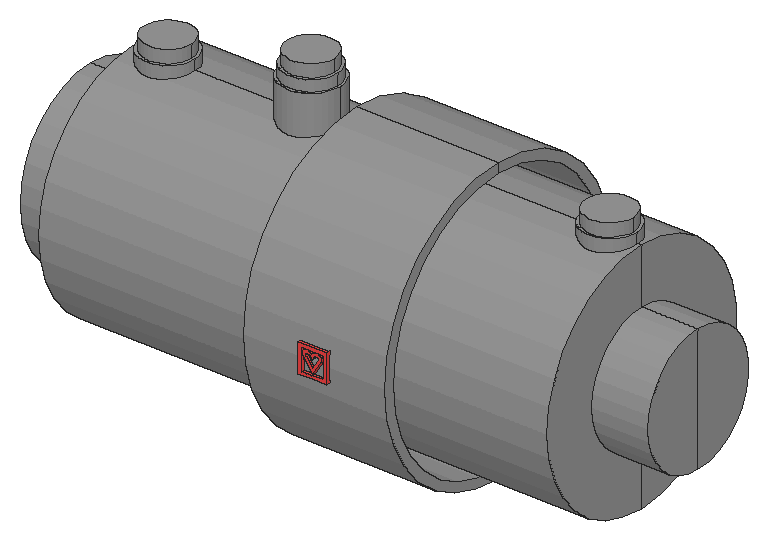
Revit family "HERZ System Separator 0307 IG-AG", category Rohrzubehör, Revit 2018
Family settings
  Bemaßung runder Anschluss = Durchmesser verwenden
  Teiletyp = Unterbricht
  OmniClass-Nummer = 23.65.55.14
  OmniClass-Titel = Valves for Liquid Services
  Arbeitsebenenbasiert = Nein
  Immer vertikal = Ja
  Beim Laden mit Abzugskörper schneiden = Nein
  Gemeinsam genutzt = Nein
Parameters (values of type "IG-AG DN40-DN40")
  URL = "www.herzvalves.com"
  SCTWSEQ = "AW;SBT_TYP_AW=\"104\";2"
  SCTWCODE = "04;12;02"  # constant formula
  S03 = 15.000 mm  # constant formula
  S02 = 45.000 mm  # constant formula
  S01 = 98.000 mm  # constant formula
  Nennweite Ein [instance] = if(IG_AG_DN40_DN40, 40.000 mm, if(IG_AG_DN40_DN50, 40.000 mm, if(IG_AG_DN50_DN40, 50.000 mm, if(IG_AG_DN50_DN50, 50.000 mm, 0.000 mm))))  # 40.000 mm
  Nennweite Aus [instance] = if(IG_AG_DN40_DN40, 40.000 mm, if(IG_AG_DN40_DN50, 50.000 mm, if(IG_AG_DN50_DN40, 40.000 mm, if(IG_AG_DN50_DN50, 50.000 mm, 0.000 mm))))  # 40.000 mm
  Model = "The backflow preventer has been developed in accordance with the standard DIN EN 1717.\r\nAccording to this standard, the water quality is divided up into 5 classes depending on the degree of contamination.\r\nBackflow preventers of type BA provide protection against non-drinking water up to hazard class 4.\r\nThis is the highest hazard class that may be safeguarded with a valve.\r\nSafeguarding a standpipe with a lower form of protection than a system separator of type BA per DIN EN 1717 is no longer reflective of current engineering practice and the operator is therefore liable in the event of damage with such a standpipe.\r\nThe functional unit is designed as a single-piece cartridge with large-dimension control piston and pressure surge-damped discharge valve system.\r\nThreaded connections are mutually interchangeable, whereby 16 possible connection variants exist (intake and outlet side available in 1 1/2\" inner or outer thread, alternatively in 2\" inner or outer thread)."
  Medium = "Water (without steam)"  # constant formula
  Max. permissible temperature (short-term) = 80 °C  # constant formula
  Max. operating temperature = 65 °C  # constant formula
  Max. operating pressure = 1000000.0 Pa  # constant formula
  L08 = 45.000 mm  # constant formula
  L07 = 24.500 mm  # constant formula
  L06 = 70.000 mm  # constant formula
  L05 = 28.000 mm  # constant formula
  L04 = 13.500 mm  # constant formula
  L03 = 84.500 mm  # constant formula
  L02 = 18.000 mm  # constant formula
  L01 = 193.000 mm  # constant formula
  Installation position = "Horizontal or perpendicular pointing downwards"  # constant formula
  Note = "Pursuant to Article 33 of the REACH Regulation (EC No. 1907/2006), we are obliged to point out that the material lead is listed on the SVHC list and that all brass components manufactured in our products exceed 0.1% (w / w) lead (CAS: 7439-92-1 / EINECS: 231-100-4).\r\nSince lead is a component part of an alloy, actual exposure is not possible and therefore no additional information on safe use is necessary."
  Hersteller = "HERZ Armaturen Ges.m.b.H."  # constant formula
  D03 [instance] = if(IG_AG_DN40_DN40, 28.000 mm, if(IG_AG_DN40_DN50, 28.000 mm, if(IG_AG_DN50_DN40, 33.000 mm, if(IG_AG_DN50_DN50, 33.000 mm, 0.000 mm))))  # 28.000 mm
  D02 = 45.000 mm  # constant formula
  D01 = 37.500 mm  # constant formula
  Body = "stainless steel"  # constant formula
  Part number [instance] = if(IG_AG_DN40_DN40, "I030702", if(IG_AG_DN40_DN50, "I030710", if(IG_AG_DN50_DN40, "I030714", if(IG_AG_DN50_DN50, "I030706", "0"))))  # "I030702"
  IG_AG_DN50_DN50 = no
  IG_AG_DN50_DN40 = no
  IG_AG_DN40_DN50 = no
  IG_AG_DN40_DN40 = yes
  IG Ein [instance] = Nennweite Ein / 2  # 20.000 mm
  Application = "The backflow preventer is an economical solution for retrofitting to standpipes that are required to have a mandatory safety valve according to DIN EN 1717 for preventing the back-suction, back-flowing or back-pressuring of non-drinking water into the drinking water line.\r\nThe backflow preventer is suitable for horizontal installation.\r\nIt can also be fitted perpendicular, although only pointing downwards.\r\nIt is not approved for installation in a riser."
  AG Aus [instance] = Nennweite Aus / 2  # 20.000 mm
Types (5, lengths in mm): name | Nennweite Ein | Nennweite Aus | D03 | Part number | IG_AG_DN50_DN50 | IG_AG_DN50_DN40 | IG_AG_DN40_DN50 | IG_AG_DN40_DN40 | IG Ein | AG Aus
  (no name) | 40.000 | 40.000 | 28.000 | "I030702" | no | no | no | yes | 20.000 | 20.000
  IG-AG DN40-DN50 | 40.000 | 50.000 | 28.000 | "I030710" | no | no | yes | no | 20.000 | 25.000
  IG-AG DN40-DN40 | 40.000 | 40.000 | 28.000 | "I030702" | no | no | no | yes | 20.000 | 20.000
  IG-AG DN50-DN50 | 50.000 | 50.000 | 33.000 | "I030706" | yes | no | no | no | 25.000 | 25.000
  IG-AG DN50-DN40 | 50.000 | 40.000 | 33.000 | "I030714" | no | yes | no | no | 25.000 | 20.000
Reference planes
  plane 1 "Mitte (Vorne/hinten)": y = 0
  plane 2: z = 0
  plane 3 "Mitte (Links/rechts)": x = 0
Forms (mm)
  Revolve 1, solid, material "Messing, weicher Gelbton, geschweißt", detail levels fine
    sketch origin (0, 0, 0) x (1, 0, 0) y (0, 0, 1)
      loop
        line (96.5, 0) -> (96.5, 20) -> (78.5, 20) -> (78.5, 37.5) -> (-83, 37.5) -> (-83, 28) -> (-96.5, 28) -> (-96.5, 20) -> (-83, 20) -> (-83, 0) -> (96.5, 0)
      axis (-96.5, 0) -> (96.5, 0)
    angle from 0 to 360
  Revolve 2, solid, material "Acetalharz, Schwarz", detail levels fine
    sketch origin (0, 0, 0) x (1, 0, 0) y (0, 0, 1)
      loop
        line (-12, 0) -> (1.5, 0) -> (1.5, 42) -> (33, 42) -> (33, 45) -> (-12, 45) -> (-12, 0)
      axis (-12, 0) -> (33, 0)
    angle from 0 to 360
  Extrusion 3, solid, material "Messing, weicher Gelbton, geschweißt", detail levels fine
    sketch origin (0, 0, 0) x (1, 0, 0) y (0, 1, 0)
      loop
        circle (-72, 0) r 8.5
      loop
        circle (68.5, 0) r 8.5
    from 0 to 40.5
  Extrusion 4, solid, material "Acetalharz, Schwarz", detail levels fine
    sketch origin (0, 0, 0) x (1, 0, 0) y (0, 1, 0)
      loop
        circle (-72, 0) r 7.5
      loop
        circle (68.5, 0) r 7.5
    from 40.5 to 44.5
  Extrusion 5, solid, material "Messing, weicher Gelbton, geschweißt", detail levels fine
    sketch origin (0, 0, 0) x (1, 0, 0) y (0, 1, 0)
      loop
        circle (-26.5, 0) r 9.3
    from 0 to 49
  Extrusion 6, solid, material "Messing, weicher Gelbton, geschweißt", detail levels fine
    sketch origin (0, 0, 0) x (1, 0, 0) y (0, 1, 0)
      loop
        circle (-26.5, 0) r 8.5
    from 49 to 52.5
  Extrusion 7, solid, material "Acetalharz, Schwarz", visible <- "IG_AG_DN40_DN50", detail levels fine
    sketch origin (0, 0, 0) x (1, 0, 0) y (0, 1, 0)
      loop
        circle (-26.5, 0) r 7.5
    from 52.5 to 56.5
  Extrusion 8, solid, material "Acetalharz, Schwarz", visible <- "IG_AG_DN40_DN40", detail levels fine
    sketch origin (0, 0, 0) x (1, 0, 0) y (0, 1, 0)
      loop
        circle (-26.5, 0) r 7.5
    from 52.5 to 56.4
  Extrusion 9, solid, material "Acetalharz, Schwarz", visible <- "IG_AG_DN50_DN50", detail levels fine
    sketch origin (0, 0, 0) x (1, 0, 0) y (0, 1, 0)
      loop
        circle (-26.5, 0) r 7.5
    from 52.5 to 56.3
  Extrusion 10, solid, material "Acetalharz, Schwarz", visible <- "IG_AG_DN50_DN40", detail levels fine
    sketch origin (0, 0, 0) x (1, 0, 0) y (0, 1, 0)
      loop
        circle (-26.5, 0) r 7.5
    from 52.5 to 56.2
Lines and regions (mm)
  model lines, detail levels coarse+medium
    curve 1: line (-96.5, 0, 37.5) -> (96.5, 0, 37.5)
    curve 2: line (-96.5, 0, -37.5) -> (-96.5, 0, 37.5)
    curve 3: line (96.5, 0, -37.5) -> (-96.5, 0, -37.5)
    curve 4: line (96.5, 0, 37.5) -> (96.5, 0, -37.5)
    curve 5: line (-96.5, 0, -22.5) -> (-51.5, 0, -22.5)
    curve 6: line (-1.5, 0, -22.5) -> (96.5, 0, -22.5)
    curve 7: line (-96.5, 0, 22.5) -> (-51.5, 0, 22.5)
    curve 8: line (-1.5, 0, 22.5) -> (96.5, 0, 22.5)
    curve 9: line (-96.5, 37.5, 0) -> (96.5, 37.5, 0)
    curve 10: line (-96.5, -37.5, 0) -> (-96.5, 37.5, 0)
    curve 11: line (96.5, -37.5, 0) -> (-96.5, -37.5, 0)
    curve 12: line (96.5, 37.5, 0) -> (96.5, -37.5, 0)
    curve 13: line (-96.5, 22.5, 0) -> (-51.5, 22.5, 0)
    curve 14: line (-1.5, 22.5, 0) -> (96.5, 22.5, 0)
    curve 15: line (-96.5, -22.5, 0) -> (-51.5, -22.5, 0)
    curve 16: line (-1.5, -22.5, 0) -> (96.5, -22.5, 0)
Dimensions and locks
  equal spacing: curve 4, plane 3 "Mitte (Links/rechts)", curve 2
  "L01": curve 4 to curve 2
  "D01": curve 1 to plane 2 to curve 3
  "S03": curve 5 to curve 3
  "S03": curve 1 to curve 7
  "S03": curve 1 to curve 8
  "S03": curve 6 to curve 3
  "S02": curve 5 to curve 2
  "S02": curve 7 to curve 2
  "S01": curve 8 to curve 4
  "S01": curve 6 to curve 4
  equal spacing: curve 10, plane 3 "Mitte (Links/rechts)", curve 12
  "L01": curve 10 to curve 12
  "D01": curve 11 to plane 1 "Mitte (Vorne/hinten)" to curve 9
  "S03": curve 13 to curve 9
  "S03": curve 11 to curve 15
  "S03": curve 14 to curve 9
  "S03": curve 11 to curve 16
  "S01": curve 14 to curve 12
  "S01": curve 16 to curve 12
  "S02": curve 10 to curve 15
  "S02": curve 10 to curve 13
  "D02": Revolve 2 sketch curve to Revolve 2 sketch curve
  equal spacing: Revolve 2, nested 1, Revolve 2
  "D02": nested 1 to plane 1 "Mitte (Vorne/hinten)"
  Revolve 1 sketch curve to Revolve 1 sketch curve = 193.000 mm
  "AG Aus": Revolve 1 sketch curve to Revolve 1 sketch curve
  "IG Ein": Revolve 1 sketch curve to plane 2
  "D03": Revolve 1 sketch curve to plane 2
  "D01": Revolve 1 sketch curve to plane 2
  "L03": Revolve 1 to Revolve 2 sketch curve
  "L07": Revolve 1 to Extrusion 3 sketch curve
  "L05": Extrusion 3 sketch curve to Revolve 1
  "L05": Extrusion 4 sketch curve to Revolve 1
  "L07": Revolve 1 to Extrusion 4 sketch curve
  "L06": Revolve 1 to Extrusion 5 sketch curve
  "L06": Revolve 1 to Extrusion 6 sketch curve
  "L06": Revolve 1 to Extrusion 10 sketch curve
  "L06": Revolve 1 to Extrusion 9 sketch curve
  "L06": Revolve 1 to Extrusion 8 sketch curve
  "L06": Revolve 1 to Extrusion 7 sketch curve
  "L08": Revolve 2 sketch curve to Revolve 2 sketch curve
  aligned and locked: level to plane 2
Automatic sketch dimensions
  Revolve 1 sketch curve to level = 0.000 mm  (x2)
  Revolve 1 sketch curve to plane 3 "Mitte (Links/rechts)" = 96.500 mm
  Revolve 1 sketch curve to Revolve 1 sketch curve = 13.500 mm
  Revolve 1 sketch curve to Revolve 1 sketch curve = 0.000 mm
  plane 3 "Mitte (Links/rechts)" to Revolve 1 sketch curve = 78.500 mm
  Revolve 1 sketch curve to Revolve 1 sketch curve = 18.000 mm
  Revolve 1 sketch curve to Revolve 1 sketch curve = 1408.530 mm
  Revolve 1 sketch curve to Revolve 1 sketch curve = 1741.148 mm
  Revolve 2 sketch curve to level = 0.000 mm  (x2)
  plane 3 "Mitte (Links/rechts)" to Revolve 2 sketch curve = 1.500 mm
  Revolve 2 sketch curve to Revolve 2 sketch curve = 3.000 mm
  Revolve 2 sketch curve to Revolve 2 sketch curve = 1496.030 mm
  Revolve 2 sketch curve to Revolve 2 sketch curve = 1804.648 mm
  plane 1 "Mitte (Vorne/hinten)" to Extrusion 3 sketch curve = 0.000 mm  (x2)
  plane 1 "Mitte (Vorne/hinten)" to Extrusion 4 sketch curve = 0.000 mm  (x2)
  plane 1 "Mitte (Vorne/hinten)" to Extrusion 5 sketch curve = 0.000 mm
  plane 1 "Mitte (Vorne/hinten)" to Extrusion 6 sketch curve = 0.000 mm
  plane 1 "Mitte (Vorne/hinten)" to Extrusion 7 sketch curve = 0.000 mm
  plane 1 "Mitte (Vorne/hinten)" to Extrusion 8 sketch curve = 0.000 mm
  plane 1 "Mitte (Vorne/hinten)" to Extrusion 9 sketch curve = 0.000 mm
  plane 1 "Mitte (Vorne/hinten)" to Extrusion 10 sketch curve = 0.000 mm
  radius of Extrusion 3 sketch curve = 8.500 mm  (x2)
  radius of Extrusion 4 sketch curve = 7.500 mm  (x2)
  radius of Extrusion 5 sketch curve = 9.300 mm
  radius of Extrusion 6 sketch curve = 8.500 mm
  radius of Extrusion 7 sketch curve = 7.500 mm
  radius of Extrusion 8 sketch curve = 7.500 mm
  radius of Extrusion 9 sketch curve = 7.500 mm
  radius of Extrusion 10 sketch curve = 7.500 mm
Nested families
  nested 1: "Herz-Logo-vorne" at (10.5, -45, 0) x (0, 1, 0) z (0, 0, 1), type "Herz-Logo-vorne", detail levels fine
Connectors
  piping at (-83, 0, 0), diameter 40, driven by "Nennweite Ein"
    settings: on Revolve 1, index 1, connector inside diameter 609.6 mm, connector length 0.000 mm, flow factor 0, pipe flow 0.0 L/s, pressure drop 0.0 Pa, fitting loss kfactor 0, connector angle 0.00°, fixture units 0, engagement length 0.000 mm, angle of deflection 0.00°, flow configuration 0, flow direction 1, fitting loss method 0, system type 29, joint type 0, gender type 0, connector reference index -1, connector utility 0, adjustable connector no, is connector primary yes, connector description ""
  piping at (96.5, 0, 0), diameter 40, driven by "Nennweite Aus"
    settings: on Revolve 1, index 2, connector inside diameter 609.6 mm, connector length 0.000 mm, flow factor 0, pipe flow 0.0 L/s, pressure drop 0.0 Pa, fitting loss kfactor 0, connector angle 0.00°, fixture units 0, engagement length 0.000 mm, angle of deflection 0.00°, flow configuration 0, flow direction 2, fitting loss method 0, system type 29, joint type 0, gender type 0, connector reference index -1, connector utility 0, adjustable connector no, is connector primary no, connector description ""
Definition of nested family "Herz-Logo-vorne"
  Reference planes
    plane 1 "Mitte (Vorne/hinten)": y = 0
    plane 2: z = 0
    plane 3 "Mitte (Links/rechts)": x = 0
  Forms (mm)
    Extrusion 1, solid
      sketch origin (0.732, -0.018, 0.017) x (0, -1, 0) y (0, 0, 1)
        loop
          line (-0.018, -4.517) -> (4.482, -4.517) -> (4.482, 4.483) -> (-4.518, 4.483) -> (-4.518, -4.517) -> (-0.018, -4.517)
        loop
          line (-0.05, -3.48) -> (3.482, -3.48) -> (3.482, 3.483) -> (-3.518, 3.483) -> (-3.518, -3.48) -> (-0.05, -3.48)
        loop
          arc (-0.018, 2.383) -> (-1.543, 3.287) -> (-3.067, 2.383) r 1.738
          arc (-3.067, 2.383) -> (-3.191, 1.899) -> (-3.067, 1.415) r 1.009
          line (-3.067, 1.415) -> (-0.018, -3.281) -> (3.032, 1.415)
          arc (3.032, 1.415) -> (3.156, 1.899) -> (3.032, 2.383) r 1.009
          arc (3.032, 2.383) -> (1.507, 3.287) -> (-0.018, 2.383) r 1.738
        loop
          arc (1.885, 1.272) -> (2.005, 1.675) -> (1.885, 2.079) r 0.74
          arc (1.885, 2.079) -> (1.265, 2.416) -> (0.644, 2.079) r 0.74
          line (0.644, 2.079) -> (-0.018, 0.97) -> (-0.679, 2.079)
          arc (-0.679, 2.079) -> (-1.3, 2.416) -> (-1.921, 2.079) r 0.74
          arc (-1.921, 2.079) -> (-2.04, 1.675) -> (-1.921, 1.272) r 0.74
          line (-1.921, 1.272) -> (-0.018, -1.658) -> (1.885, 1.272)
      from 0 to 1.5
  Dimensions and locks
    aligned and locked: level to plane 2
